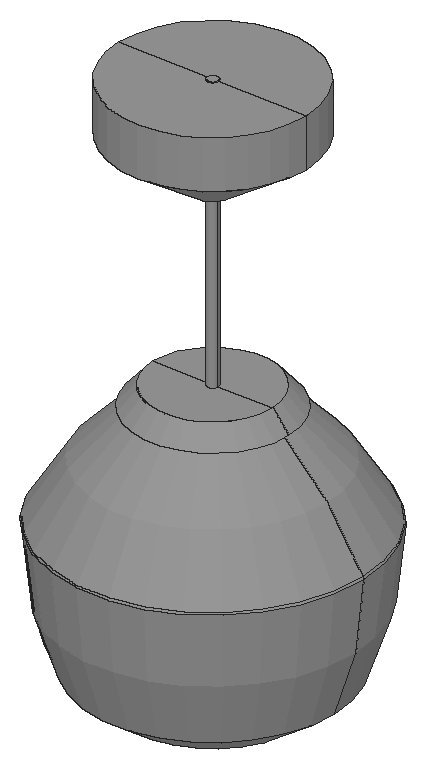
Revit family "63_UN_Pendant_GO-1S Canopy_Signify", category Lighting Fixtures, Revit 2019
Family settings
  Round Connector Dimension = Use Diameter
  Part Type = Normal
  OmniClass Number = 23.80.70.11
  OmniClass Title = Luminaries for Internal Lighting
  Work Plane-Based = No
  Always vertical = Yes
  Cut with Voids When Loaded = No
  Light Source = No
  Shared = No
  Room Calculation Point = Yes
Parameters (values of type "GO-1S")
  Wattage Comments = "10W"
  Voltage = 230 V
  URL = "https://www.signify.com/global/innovation/3d-printing"
  Type Comments = "GO-1S"
  Pendant_Material = UHMW, Black
  Pendant_Length [instance] = 200 mm
  Symbol_ToScale [instance] = yes
  Symbol_RealSize [instance] = not(Symbol_ToScale)  # no
  Switch Code [instance] = ""
  Model = "Pendant Canopy"
  Manufacturer = "Signify"
  Luminaire Code [instance] = ""
  Lamp = "LED"
  IfcExportType = "USERDEFINED"
  IfcExportAs = "IfcLightFixtureType"
  Housing_Material = Select RGB Value for different appearance
  Description = ""
  Content Creator® = "www.ivlibrary.com"
  Calc_Pendant_Length [instance] = if(Pendant_Length < 200 mm, 200 mm, if(Pendant_Length > 3000 mm, 3000 mm, Pendant_Length))  # 200 mm
  Assembly Code = "63.0"
  Apparent Load = 10 VA
Reference planes
  plane 1 "Center (Front/Back)": y = 0
  plane 2: z = 0
  plane 3 "Center (Left/Right)": x = 0
  plane 4: z = -200
  plane 5: z = -330
Forms (mm)
  Extrusion 1, solid, material "UHMW, Black" <- "Pendant_Material"
    sketch origin (0, 0, 0) x (1, 0, 0) y (0, 1, 0)
      loop
        circle (0, 0) r 3.848
    from -200 to 0
  Revolve 2, solid, material "UHMW, Black" <- "Pendant_Material"
    sketch origin (0, 0, 0) x (1, 0, 0) y (0, 0, 1)
      loop
        line (-68.5, 0) -> (-68.5, -35.165) -> (-13.084, -72.544) -> (0, -72.544) -> (0, 0) -> (-68.5, 0)
      axis (0, 0) -> (0, -72.544)
    angle from 0 to 360
Lines and regions (mm)
  symbolic lines, visible <- "Symbol_RealSize"
    curve 1: circle (0, 0, 0) r 110 normal (0, 0, 1)
    curve 2: line (-77.782, 77.782, 0) -> (0, 0, 0)
    curve 3: line (0, 0, 0) -> (-77.782, -77.782, 0)
    curve 4: line (77.782, 77.782, 0) -> (0, 0, 0)
    curve 5: line (0, 0, 0) -> (77.782, -77.782, 0)
Dimensions and locks
  "Calc_Pendant_Length": plane 2 to plane 4
  locked: plane 4 to plane 5 at 130
  aligned and locked: level to plane 2
  aligned and locked: plane 2 to Extrusion 1
  aligned and locked: plane 4 to Extrusion 1
  aligned and locked: nested 1 to plane 4
Automatic sketch dimensions
  plane 1 "Center (Front/Back)" to curve 2 = 0 mm
  curve 2 to plane 3 "Center (Left/Right)" = 0 mm
  plane 1 "Center (Front/Back)" to curve 1 = 0 mm
  curve 1 to plane 3 "Center (Left/Right)" = 0 mm
  curve 3 to plane 3 "Center (Left/Right)" = 77.782 mm
  curve 2 to plane 3 "Center (Left/Right)" = 77.782 mm
  plane 1 "Center (Front/Back)" to curve 5 = 77.782 mm
  plane 1 "Center (Front/Back)" to Extrusion 1 sketch curve = 0 mm
  Extrusion 1 sketch curve to plane 3 "Center (Left/Right)" = 0 mm
  Revolve 2 sketch curve to level = 0 mm
  Revolve 2 sketch curve to plane 3 "Center (Left/Right)" = 0 mm  (x2)
  Revolve 2 sketch curve to plane 3 "Center (Left/Right)" = 13.084 mm
  Revolve 2 sketch curve to plane 3 "Center (Left/Right)" = 68.5 mm
  Revolve 2 sketch curve to Revolve 2 sketch curve = 35.165 mm
  Revolve 2 sketch curve to Revolve 2 sketch curve = 72.544 mm
  Revolve 2 sketch curve to Revolve 2 sketch curve = 6.499 mm
  level to Revolve 2 sketch curve = 2214.315 mm
  radius of Extrusion 1 sketch curve = 3.848 mm
Nested families
  nested 1: "GO-1S" at (0, 0, -200), Housing_Material <- "Housing_Material", type "Geometry"
    with Housing_Material Select RGB Value for different appearance
  nested 2: "Ø220 Symbol_Signify" at (0, 0, 0), visible <- "Symbol_ToScale", type "Ø400 Symbol_Signify"
Connectors
  electrical at (0, 0, 0), driven by "Apparent Load", driven by "Voltage"
    settings: index 1, voltage 230 V, apparent load 0 VA, apparent load phase1 10 VA, apparent load phase2 0 VA, apparent load phase3 0 VA, power factor 1, load classification "Other", number of poles 1, system type 31, power factor state 1, is connector primary yes, connector utility no, sub classification motor no, connector description ""
Definition of nested family "GO-1S"
  Parameters (values of type "Geometry")
    URL = "Signify.com"
    Type Comments = ""
    Model = "Geometry"
    Manufacturer = "Signify"
    Lamp = "LED"
    Housing_Material [instance] = none
    Assembly Code = "63.xx"
    Apparent Load = 41 VA
  Reference planes
    plane 1 "Center (Front/Back)": y = 0
    plane 2: z = 0
    plane 3 "Center (Left/Right)": x = 0
    plane 4: z = 0
  Forms (mm)
    Revolve 1, solid, material <- "Housing_Material"
      sketch origin (0, 0, 20.589) x (1, 0, 0) y (0, 0, 1)
        loop
          line (0, -247.565) -> (0, -246.565) -> (-1.749, -246.565)
          spline (-1.749, -246.565) -> (-10.146, -244.363) -> (-18.325, -241.924) -> (-26.285, -239.247) -> (-34.027, -236.333) -> (-41.55, -233.181) -> (-48.854, -229.793) -> (-55.94, -226.168) -> (-62.808, -222.305) -> (-69.458, -218.206) -> (-75.891, -213.869) -> (-82.106, -209.295) -> (-88.103, -204.484)
          spline (-88.103, -204.484) -> (-91.316, -197.43) -> (-94.264, -190.228) -> (-96.946, -182.877) -> (-99.363, -175.378) -> (-101.514, -167.731) -> (-103.4, -159.934) -> (-105.021, -151.989) -> (-106.377, -143.894) -> (-107.466, -135.651) -> (-108.29, -127.258) -> (-108.849, -118.716) -> (-109.141, -110.024)
          line (-109.141, -110.024) -> (-108.519, -108.775)
          spline (-108.519, -108.775) -> (-104.895, -101.831) -> (-101.039, -95.033) -> (-96.951, -88.381) -> (-92.631, -81.875) -> (-88.078, -75.514) -> (-83.293, -69.299) -> (-78.276, -63.229) -> (-73.027, -57.305) -> (-67.544, -51.526) -> (-61.829, -45.892) -> (-55.882, -40.404) -> (-49.701, -35.061)
          line (-49.701, -35.061) -> (-48.785, -34.295) -> (-50.343, -34.295)
          spline (-50.343, -34.295) -> (-56.548, -39.658) -> (-62.519, -45.169) -> (-68.258, -50.826) -> (-73.764, -56.629) -> (-79.036, -62.579) -> (-84.075, -68.675) -> (-88.881, -74.918) -> (-93.454, -81.307) -> (-97.794, -87.842) -> (-101.9, -94.525) -> (-105.774, -101.353) -> (-109.414, -108.328)
          line (-109.414, -108.328) -> (-110.146, -109.797)
          spline (-110.146, -109.797) -> (-109.855, -118.562) -> (-109.295, -127.177) -> (-108.466, -135.642) -> (-107.369, -143.959) -> (-106.003, -152.126) -> (-104.367, -160.143) -> (-102.463, -168.012) -> (-100.291, -175.73) -> (-97.849, -183.3) -> (-95.139, -190.72) -> (-92.159, -197.991) -> (-88.911, -205.112)
          spline (-88.911, -205.112) -> (-82.866, -209.972) -> (-76.601, -214.592) -> (-70.116, -218.971) -> (-63.412, -223.11) -> (-56.488, -227.009) -> (-49.344, -230.667) -> (-41.981, -234.084) -> (-34.398, -237.261) -> (-26.595, -240.198) -> (-18.573, -242.894) -> (-10.331, -245.35) -> (-1.869, -247.565)
          line (-1.869, -247.565) -> (0, -247.565)
        axis (0, -34.295) -> (0, -247.565)
      angle from 0 to 360
    Revolve 2, solid
      sketch origin (0, 0, 0) x (1, 0, 0) y (0, 0, 1)
        loop
          line (0, -13.706) -> (0, 0) -> (-43.617, 0) -> (-55.531, -13.706) -> (0, -13.706)
        axis (0, 0) -> (0, -13.706)
      angle from 0 to 360
  Lines and regions (mm)
    reference lines
      curve 1: line (-173.969, 0, 0) -> (173.969, 0, 0)
  Dimensions and locks
    aligned and locked: level to plane 2
Definition of nested family "Ø220 Symbol_Signify"
  Reference planes
    plane 1: y = 0
    plane 2: x = 0
  Lines and regions (mm)
    detail lines
      curve 1: circle (0, 0, 0) r 1.1 normal (0, 0, 1)
      curve 2: line (0, 0, 0) -> (-0.778, -0.778, 0)
      curve 3: line (-0.778, 0.778, 0) -> (0, 0, 0)
      curve 4: line (0, 0, 0) -> (0.778, -0.778, 0)
      curve 5: line (0.778, 0.778, 0) -> (0, 0, 0)
